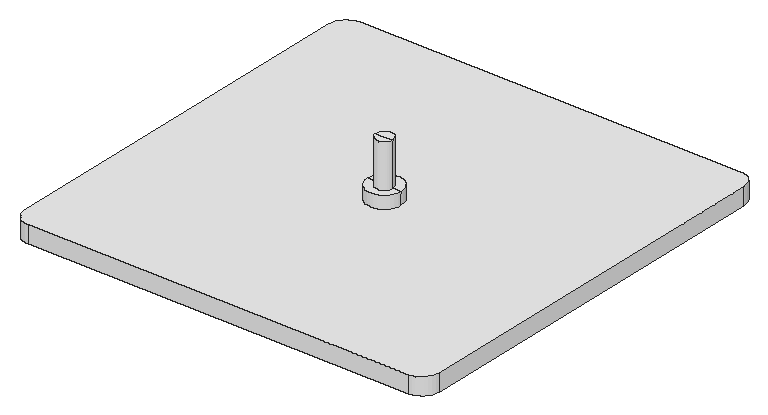
Revit family "Shower_Head-Grohe-Rainshower-26570000_Series", category Plumbing Fixtures, Revit 2018
Family settings
  Round Connector Dimension = Use Diameter
  Part Type = Normal
  OmniClass Number = 23.45.05.14.17
  OmniClass Title = Showers
  Work Plane-Based = Yes
  Always vertical = No
  Cut with Voids When Loaded = No
  Shared = Yes
  Room Calculation Point = No
Parameters (values of type "26570000")
  cUPC Compliant = yes
  Width = Length  # 12 3/16"
  Waste Connection = no
  WFU = 0
  Vent Connection = no
  URL = "https://www.grohe.us/"
  Type Comments = ""
  Tempered Water Connection Diameter = 1/2"  # constant formula
  Tempered Water Connection = yes
  Product Page URL = "https://www.grohe.us/Rain-Shower-Heads/310-Mono-Shower-Head-12-Inch-1-Spray-175-gpm/GROHE-CHROME-26570000"
  Product Documentation Link = "https://americanstandard.box.com/shared/static/3lkxq1ywinwx3tj4l12q65oixlet2owc.pdf"
  Model = "26570000"
  Material = "Plastic-Grohe-000-StarLight Chrome"
  Manufacturer = "Grohe"
  Length = 12 3/16"  # constant formula
  Installation Type = "Pipe/Ceiling Mounted"  # constant formula
  Height = 1/2"  # constant formula
  HWFU = 3
  HW Connection = no
  Flow Rate = "1.75 gpm (6.6 l/min) flow limiter"
  Finish = Plastic-Grohe-000-StarLight Chrome
  Description = "Rainshower™ 310 Mono Shower Head, 12in - 1 Spray, 1.75 gpm"  # constant formula
  Default Elevation = 74"  # constant formula
  Creation Date = "07/25/2022"  # constant formula
  Compliance Certifications = "Energy Policy Act of 1992, ASME A112.18.1/CSA B125.1"
  CalGreen Compliant = yes
  CWFU = 3
  CW Connection = no
  Assembly Code = "D2010710"
Types (3): name | Product Page URL | Model | Material | Finish | Compliance Certifications
  (no name) | "https://www.grohe.us/Rain-Shower-Heads/310-Mono-Shower-Head-12-Inch-1-Spray-175-gpm/GROHE-CHROME-26570000" | "26570000" | "Plastic-Grohe-000-StarLight Chrome" | Plastic-Grohe-000-StarLight Chrome | "Energy Policy Act of 1992, ASME A112.18.1/CSA B125.1"
  26570000 | "https://www.grohe.us/Rain-Shower-Heads/310-Mono-Shower-Head-12-Inch-1-Spray-175-gpm/GROHE-CHROME-26570000" | "26570000" | "Plastic-Grohe-000-StarLight Chrome" | Plastic-Grohe-000-StarLight Chrome | "Energy Policy Act of 1992, ASME A112.18.1/CSA B125.1"
  26570EN0 | "https://www.grohe.us/Rain-Shower-Heads/310-Mono-Shower-Head-12-Inch-1-Spray-175-gpm/GROHE-BRUSHED-NICKEL-26570EN0" | "26570EN0" | "Plasstic-Grohe-EN0-Brushed Nickel Infinity Finish" | Plasstic-Grohe-EN0-Brushed Nickel Infinity Finish | "Energy Policy Act of 1992, ASME A112.18.1/CSA B125.1, EPA WaterSense"
Reference planes (in)
  plane 1 "Center (Front/Back)": y = 0
  plane 2: z = 0
  plane 3 "Center (Left/Right)": x = 0
  plane 4: y = -6.09375
  plane 5: y = 6.09375
  plane 6: x = -6.09375
  plane 7: x = 6.09375
  plane 8: z = -0.5
  plane 9: z = 1.625
  plane 10: z = -0.25
Forms (in)
  Extrusion 1, solid, material "Plastic-Grohe-000-StarLight Chrome" <- "Finish"
    sketch origin (0, 0, 0) x (1, 0, 0) y (0, 1, 0)
      loop
        arc (-5.59375, 6.09375) -> (-5.9473, 5.9473) -> (-6.09375, 5.59375) r 0.5
        line (-6.09375, 5.59375) -> (-6.09375, -5.59375)
        arc (-6.09375, -5.59375) -> (-5.9473, -5.9473) -> (-5.59375, -6.09375) r 0.5
        line (-5.59375, -6.09375) -> (5.59375, -6.09375)
        arc (5.59375, -6.09375) -> (5.9473, -5.9473) -> (6.09375, -5.59375) r 0.5
        line (6.09375, -5.59375) -> (6.09375, 5.59375)
        arc (6.09375, 5.59375) -> (5.9473, 5.9473) -> (5.59375, 6.09375) r 0.5
        line (5.59375, 6.09375) -> (-5.59375, 6.09375)
    from -0.5 to 0
  Revolve 2, solid, material "Plastic-Grohe-000-StarLight Chrome" <- "Finish"
    sketch origin (0, 0, 0) x (1, 0, 0) y (0, 0, 1)
      loop
        line (0, 1.625) -> (-0.25, 1.625) -> (-0.25, 0.35819) -> (-0.5, 0.35819) -> (-0.5, 0) -> (0, 0) -> (0, 1.625)
      axis (0, 1.625) -> (0, 0)
    angle from 0 to 360
  Extrusion 3, void
    sketch origin (0, 0, 0) x (1, 0, 0) y (0, 1, 0)
      loop
        circle (-5, 5.32501) r 0.25
      loop
        circle (-4, 5.32501) r 0.25
      loop
        circle (-3, 5.32501) r 0.25
      loop
        circle (-2, 5.32501) r 0.25
      loop
        circle (-1, 5.32501) r 0.25
      loop
        circle (0, 5.32501) r 0.25
      loop
        circle (1, 5.32501) r 0.25
      loop
        circle (2, 5.32501) r 0.25
      loop
        circle (3, 5.32501) r 0.25
      loop
        circle (4, 5.32501) r 0.25
      loop
        circle (5, 5.32501) r 0.25
      loop
        circle (-5, 4.43126) r 0.25
      loop
        circle (-4, 4.43126) r 0.25
      loop
        circle (-3, 4.43126) r 0.25
      loop
        circle (-2, 4.43126) r 0.25
      loop
        circle (-1, 4.43126) r 0.25
      loop
        circle (0, 4.43126) r 0.25
      loop
        circle (1, 4.43126) r 0.25
      loop
        circle (2, 4.43126) r 0.25
      loop
        circle (3, 4.43126) r 0.25
      loop
        circle (4, 4.43126) r 0.25
      loop
        circle (5, 4.43126) r 0.25
      loop
        circle (-5, 3.53752) r 0.25
      loop
        circle (-4, 3.53752) r 0.25
      loop
        circle (-3, 3.53752) r 0.25
      loop
        circle (-2, 3.53752) r 0.25
      loop
        circle (-1, 3.53752) r 0.25
      loop
        circle (0, 3.53752) r 0.25
      loop
        circle (1, 3.53752) r 0.25
      loop
        circle (2, 3.53752) r 0.25
      loop
        circle (3, 3.53752) r 0.25
      loop
        circle (4, 3.53752) r 0.25
      loop
        circle (5, 3.53752) r 0.25
      loop
        circle (-5, 2.64377) r 0.25
      loop
        circle (-4, 2.64377) r 0.25
      loop
        circle (-3, 2.64377) r 0.25
      loop
        circle (-2, 2.64377) r 0.25
      loop
        circle (-1, 2.64377) r 0.25
      loop
        circle (0, 2.64377) r 0.25
      loop
        circle (1, 2.64377) r 0.25
      loop
        circle (2, 2.64377) r 0.25
      loop
        circle (3, 2.64377) r 0.25
      loop
        circle (4, 2.64377) r 0.25
      loop
        circle (5, 2.64377) r 0.25
      loop
        circle (-5, 1.75003) r 0.25
      loop
        circle (-4, 1.75003) r 0.25
      loop
        circle (-3, 1.75003) r 0.25
      loop
        circle (-2, 1.75003) r 0.25
      loop
        circle (-1, 1.75003) r 0.25
      loop
        circle (0, 1.75003) r 0.25
      loop
        circle (1, 1.75003) r 0.25
      loop
        circle (2, 1.75003) r 0.25
      loop
        circle (3, 1.75003) r 0.25
      loop
        circle (4, 1.75003) r 0.25
      loop
        circle (5, 1.75003) r 0.25
      loop
        circle (-5, 0.85629) r 0.25
      loop
        circle (-4, 0.85629) r 0.25
      loop
        circle (-3, 0.85629) r 0.25
      loop
        circle (-2, 0.85629) r 0.25
      loop
        circle (-1, 0.85629) r 0.25
      loop
        circle (0, 0.85629) r 0.25
      loop
        circle (1, 0.85629) r 0.25
      loop
        circle (2, 0.85629) r 0.25
      loop
        circle (3, 0.85629) r 0.25
      loop
        circle (4, 0.85629) r 0.25
      loop
        circle (5, 0.85629) r 0.25
      loop
        circle (-5, -0.03746) r 0.25
      loop
        circle (-4, -0.03746) r 0.25
      loop
        circle (-3, -0.03746) r 0.25
      loop
        circle (-2, -0.03746) r 0.25
      loop
        circle (-1, -0.03746) r 0.25
      loop
        circle (0, -0.03746) r 0.25
      loop
        circle (1, -0.03746) r 0.25
      loop
        circle (2, -0.03746) r 0.25
      loop
        circle (3, -0.03746) r 0.25
      loop
        circle (4, -0.03746) r 0.25
      loop
        circle (5, -0.03746) r 0.25
      loop
        circle (-5, -0.9312) r 0.25
      loop
        circle (-4, -0.9312) r 0.25
      loop
        circle (-3, -0.9312) r 0.25
      loop
        circle (-2, -0.9312) r 0.25
      loop
        circle (-1, -0.9312) r 0.25
      loop
        circle (0, -0.9312) r 0.25
      loop
        circle (1, -0.9312) r 0.25
      loop
        circle (2, -0.9312) r 0.25
      loop
        circle (3, -0.9312) r 0.25
      loop
        circle (4, -0.9312) r 0.25
      loop
        circle (5, -0.9312) r 0.25
      loop
        circle (-5, -1.82495) r 0.25
      loop
        circle (-4, -1.82495) r 0.25
      loop
        circle (-3, -1.82495) r 0.25
      loop
        circle (-2, -1.82495) r 0.25
      loop
        circle (-1, -1.82495) r 0.25
      loop
        circle (0, -1.82495) r 0.25
      loop
        circle (1, -1.82495) r 0.25
      loop
        circle (2, -1.82495) r 0.25
      loop
        circle (3, -1.82495) r 0.25
      loop
        circle (4, -1.82495) r 0.25
      loop
        circle (5, -1.82495) r 0.25
      loop
        circle (-5, -2.71869) r 0.25
      loop
        circle (-4, -2.71869) r 0.25
      loop
        circle (-3, -2.71869) r 0.25
      loop
        circle (-2, -2.71869) r 0.25
      loop
        circle (-1, -2.71869) r 0.25
      loop
        circle (0, -2.71869) r 0.25
      loop
        circle (1, -2.71869) r 0.25
      loop
        circle (2, -2.71869) r 0.25
      loop
        circle (3, -2.71869) r 0.25
      loop
        circle (4, -2.71869) r 0.25
      loop
        circle (5, -2.71869) r 0.25
      loop
        circle (-5, -3.61243) r 0.25
      loop
        circle (-4, -3.61243) r 0.25
      loop
        circle (-3, -3.61243) r 0.25
      loop
        circle (-2, -3.61243) r 0.25
      loop
        circle (-1, -3.61243) r 0.25
      loop
        circle (0, -3.61243) r 0.25
      loop
        circle (1, -3.61243) r 0.25
      loop
        circle (2, -3.61243) r 0.25
      loop
        circle (3, -3.61243) r 0.25
      loop
        circle (4, -3.61243) r 0.25
      loop
        circle (5, -3.61243) r 0.25
      loop
        circle (-5, -4.50618) r 0.25
      loop
        circle (-4, -4.50618) r 0.25
      loop
        circle (-3, -4.50618) r 0.25
      loop
        circle (-2, -4.50618) r 0.25
      loop
        circle (-1, -4.50618) r 0.25
      loop
        circle (0, -4.50618) r 0.25
      loop
        circle (1, -4.50618) r 0.25
      loop
        circle (2, -4.50618) r 0.25
      loop
        circle (3, -4.50618) r 0.25
      loop
        circle (4, -4.50618) r 0.25
      loop
        circle (5, -4.50618) r 0.25
      loop
        circle (-5, -5.39992) r 0.25
      loop
        circle (-4, -5.39992) r 0.25
      loop
        circle (-3, -5.39992) r 0.25
      loop
        circle (-2, -5.39992) r 0.25
      loop
        circle (-1, -5.39992) r 0.25
      loop
        circle (0, -5.39992) r 0.25
      loop
        circle (1, -5.39992) r 0.25
      loop
        circle (2, -5.39992) r 0.25
      loop
        circle (3, -5.39992) r 0.25
      loop
        circle (4, -5.39992) r 0.25
      loop
        circle (5, -5.39992) r 0.25
    from -0.5 to -0.25
Cuts and joins
  Extrusion 3 cuts Extrusion 1
  Extrusion 3 cuts Revolve 2
Lines and regions (in)
  Masking region 1
    outline origin (0, 0, 0) x (1, 0, 0) y (0, 1, 0)
      loop
        line (5.59375, 6.09375) -> (-5.59375, 6.09375)
        arc (-5.59375, 6.09375) -> (-5.9473, 5.9473) -> (-6.09375, 5.59375) r 0.5
        line (-6.09375, 5.59375) -> (-6.09375, -5.59375)
        arc (-6.09375, -5.59375) -> (-5.9473, -5.9473) -> (-5.59375, -6.09375) r 0.5
        line (-5.59375, -6.09375) -> (5.59375, -6.09375)
        arc (5.59375, -6.09375) -> (5.9473, -5.9473) -> (6.09375, -5.59375) r 0.5
        line (6.09375, -5.59375) -> (6.09375, 5.59375)
        arc (6.09375, 5.59375) -> (5.9473, 5.9473) -> (5.59375, 6.09375) r 0.5
  symbolic lines, detail levels fine
    curve 1: circle (0, 0, 0) r 0.5 normal (0, 0, -1)
  symbolic lines, detail levels medium+fine
    curve 2: circle (0, 0, 0) r 0.25 normal (0, 0, -1)
Dimensions and locks (in)
  equal spacing: plane 6, plane 3 "Center (Left/Right)", plane 7
  "Length": plane 6 to plane 7
  equal spacing: plane 5, plane 1 "Center (Front/Back)", plane 4
  "Width": plane 4 to plane 5
  equal spacing: level, plane 10, plane 8
  plane 9 to plane 8 = 2 1/8"
  level to plane 8 = 1/2"
  "Height": radius of Extrusion 1 sketch curve  (x4)
  aligned and locked: plane 5 to Extrusion 1 sketch curve
  aligned and locked: plane 6 to Extrusion 1 sketch curve
  aligned and locked: plane 4 to Extrusion 1 sketch curve
  aligned and locked: plane 7 to Extrusion 1 sketch curve
  aligned and locked: Extrusion 1 to plane 8
  aligned and locked: level to Extrusion 1
  aligned and locked: Revolve 2 sketch curve to plane 3 "Center (Left/Right)"
  aligned and locked: Extrusion 1 to Extrusion 3
  aligned and locked: Extrusion 3 to plane 10
  aligned and locked: Masking region 1 sketch curve to cut or joined group of Extrusion 1, Extrusion 3  (x4)
  aligned and locked: curve 1 to cut or joined group of Revolve 2, Extrusion 3
  aligned and locked: curve 2 to cut or joined group of Revolve 2, Extrusion 3
Automatic sketch dimensions
  Revolve 2 sketch curve to plane 3 "Center (Left/Right)" = 0"
  Revolve 2 sketch curve to level = 0"
  Revolve 2 sketch curve to plane 9 = 0"
  Revolve 2 sketch curve to Revolve 2 sketch curve = 1/4"  (x2)
  Revolve 2 sketch curve to Revolve 2 sketch curve = 0.35819"
  Revolve 2 sketch curve to Revolve 2 sketch curve = 1/2"
  Revolve 2 sketch curve to Revolve 2 sketch curve = 1"
  Extrusion 3 sketch curve to plane 3 "Center (Left/Right)" = 0"  (x13)
  Extrusion 3 sketch curve to plane 3 "Center (Left/Right)" = 1"  (x3)
  Extrusion 3 sketch curve to Extrusion 3 sketch curve = 0"  (x91)
  Extrusion 3 sketch curve to Extrusion 3 sketch curve = 1"  (x34)
  plane 1 "Center (Front/Back)" to Extrusion 3 sketch curve = 0.03746"  (x11)
  plane 3 "Center (Left/Right)" to Extrusion 3 sketch curve = 1"  (x2)
  plane 4 to Extrusion 3 sketch curve = 0.69383"  (x11)
  Extrusion 3 sketch curve to Extrusion 3 sketch curve = 0.89374"  (x100)
  Extrusion 3 sketch curve to plane 1 "Center (Front/Back)" = 0.85629"  (x11)
  plane 5 to Extrusion 3 sketch curve = 0.76874"  (x10)
  plane 6 to Masking region 1 sketch curve = 1/2"  (x2)
  plane 7 to Masking region 1 sketch curve = 1/2"  (x2)
  radius of Extrusion 3 sketch curve = 1/4"  (x143)
Connectors (in)
  piping at (0, 0, 1.625), diameter 0.5, driven by "Tempered Water Connection Diameter"
    settings: on Revolve 2, index 1, connector inside diameter 24", connector length 0", flow factor 0, pipe flow 0 GPM, pressure drop 0.00 psi, fitting loss kfactor 0, connector angle 0.00°, fixture units 0, engagement length 0", angle of deflection 0.00°, flow configuration 0, flow direction 1, fitting loss method 0, system type 29, joint type 0, gender type 0, connector reference index -1, connector utility 0, adjustable connector no, is connector primary yes, connector description "1/2\" OD Inlet Connection"
